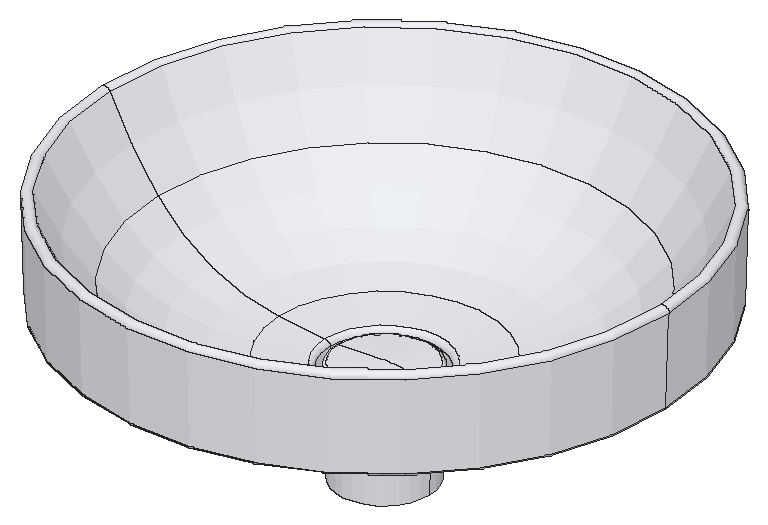
Revit family "400 Inset", category Plumbing Fixtures, host Face, Revit 2019
Family settings
  Host = Face
  Round Connector Dimension = Use Diameter
  Part Type = Normal
  OmniClass Number = 23.45.05.14.14
  OmniClass Title = Sinks/Lavatories
  Cut with Voids When Loaded = Yes
  Shared = No
  Room Calculation Point = No
Parameters (values of type "LIANO II 400 ROUND INSET BASIN NTH NOF WHITE")
  Waste Connection = yes
  Vent Connection = no
  URL = "https://www.caroma.com.au/"
  Model = "852400W"
  Material_Waste = GWA-Porcelain-White
  Material_Basin = GWA-Porcelain-White
  Manufacturer = "GWA Bathrooms & Kitchens"  # constant formula
  HW Connection = no
  Description = "LIANO II 400 ROUND INSET BASIN NTH NOF WHITE"
  Default Elevation = 0 mm
  CreatedBy_ANZRS = "GWA Bathrooms & Kitchens"  # constant formula
  CW Connection = no
  Assembly Code = "D2010400"
Types (8, lengths in mm): name | Model | Material_Waste | Material_Basin | Description
  (no name) | "852400W" | GWA-Porcelain-White | GWA-Porcelain-White | "LIANO II 400 ROUND INSET BASIN NTH NOF WHITE"
  LIANO II 400 ROUND INSET BASIN NTH NOF WHITE | "852400W" | GWA-Porcelain-White | GWA-Porcelain-White | "LIANO II 400 ROUND INSET BASIN NTH NOF WHITE"
  LIANO II 400 ROUND INSET BASIN NTH NOF MATTE WHITE | "852400MW" | GWA-Porcelain-Matte-White | GWA-Porcelain-Matte-White | "LIANO II 400 ROUND INSET BASIN NTH NOF MATTE WHITE"
  LIANO II 400 ROUND INSET BASIN NTH NOF MATTE GREEN | "852400MG" | GWA-Porcelain-Green | GWA-Porcelain-Green | "LIANO II 400 ROUND INSET BASIN NTH NOF MATTE GREEN"
  LIANO II 400 ROUND INSET BASIN NTH NOF MATTE BLACK | "852400MB" | GWA-Porcelain-Black | GWA-Porcelain-Black | "LIANO II 400 ROUND INSET BASIN NTH NOF MATTE BLACK"
  LIANO II 400 ROUND INSET BASIN NTH NOF MATTE PINK | "852400MP" | GWA-Porcelain-Pink | GWA-Porcelain-Pink | "LIANO II 400 ROUND INSET BASIN NTH NOF MATTE PINK"
  LIANO II 400 ROUND INSET BASIN NTH NOF MATTE GREY | "852400MGR" | GWA-Porcelain-Grey | GWA-Porcelain-Grey | "LIANO II 400 ROUND INSET BASIN NTH NOF MATTE GREY"
  LIANO II 400 ROUND INSET BASIN NTH NOF MATTE SPECKLED | "852400MS" | GWA-Porcelain-Speckled | GWA-Porcelain-Speckled | "LIANO II 400 ROUND INSET BASIN NTH NOF MATTE SPECKLED"
Reference planes
  plane 1 "Center (Front/Back)": y = 0
  plane 2: z = 0
  plane 3 "Center (Left/Right)": x = 0
  plane 4 "WasteConnection": z = -112
Forms (mm)
  Extrusion 1, void
    sketch origin (0, 0, 95.031) x (-1, 0, 0) y (0, -1, 0)
      loop
        circle (0, 0) r 195
    from 5 to -218.403
  Revolve 2, solid, material "GWA-Porcelain-White" <- "Material_Basin"
    sketch origin (0, 0, 0) x (1, 0, 0) y (0, 0, 1)
      loop
        line (22, -112) -> (32, -112) -> (33.272, -75.577) -> (45.597, -63.252)
        arc (45.597, -63.252) -> (46.803, -61.523) -> (47.336, -59.484) r 6
        line (47.336, -59.484) -> (47.899, -52.39)
        arc (47.899, -52.39) -> (48.734, -50.542) -> (50.553, -49.647) r 3
        line (50.553, -49.647) -> (78.002, -46.548)
        arc (78.002, -46.548) -> (126.032, -31.715) -> (165.314, -0.348) r 135.091
        arc (165.314, -0.348) -> (165.655, -0.091) -> (166.072, 0) r 1
        line (166.072, 0) -> (197.001, 0)
        arc (197.001, 0) -> (197.697, 0.282) -> (198, 0.968) r 1
        line (198, 0.968) -> (199.898, 61.15)
        arc (199.898, 61.15) -> (197.033, 64.898) -> (192.785, 62.846) r 3.733
        arc (192.785, 62.846) -> (177.608, 34.924) -> (159.139, 9.062) r 260
        arc (159.139, 9.062) -> (121.209, -22.323) -> (74.103, -36.627) r 125
        line (74.103, -36.627) -> (41.679, -39.769)
        arc (41.679, -39.769) -> (39.212, -40.947) -> (38.077, -43.434) r 4
        line (38.077, -43.434) -> (37.117, -55.531)
        arc (37.117, -55.531) -> (36.761, -56.89) -> (35.958, -58.042) r 4
        line (35.958, -58.042) -> (23.172, -70.828)
        arc (23.172, -70.828) -> (22.305, -72.126) -> (22, -73.657) r 4
        line (22, -73.657) -> (22, -112)
      axis (0, 62.846) -> (0, -112)
    angle from 0 to 360
  Revolve 3, solid, material "GWA-Porcelain-White" <- "Material_Waste"
    sketch origin (0, 0, 0) x (1, 0, 0) y (0, 0, 1)
      loop
        line (0, -44) -> (31.978, -44)
        arc (31.978, -44) -> (33.974, -42.123) -> (32.224, -40.015) r 2
        arc (32.224, -40.015) -> (16.143, -38.525) -> (0, -38.028) r 262.221
        line (0, -38.028) -> (0, -44)
      axis (0, -38.028) -> (0, -44)
    angle from 0 to 360
Lines and regions (mm)
  Masking region 1
    outline origin (0, 0, 95.031) x (-1, 0, 0) y (0, -1, 0)
      loop
        circle (0, 0) r 200
  Masking region 2
    outline origin (0, 0, 0) x (1, 0, 0) y (0, 0, 1)
      loop
        line (198, 0.968) -> (199.899, 61.183)
        arc (199.899, 61.183) -> (198.858, 63.875) -> (196.201, 65) r 3.7
        line (196.201, 65) -> (-196.201, 65)
        arc (-196.201, 65) -> (-198.858, 63.875) -> (-199.899, 61.183) r 3.7
        line (-199.899, 61.183) -> (-198, 0.968)
        arc (-198, 0.968) -> (-197.697, 0.282) -> (-197.001, 0) r 1
        line (-197.001, 0) -> (197.001, 0)
        arc (197.001, 0) -> (197.697, 0.282) -> (198, 0.968) r 1
  Masking region 3
    outline origin (0, 0, 0) x (0, 1, 0) y (0, 0, 1)
      loop
        line (198, 0.968) -> (199.899, 61.183)
        arc (199.899, 61.183) -> (198.858, 63.875) -> (196.201, 65) r 3.7
        line (196.201, 65) -> (-196.201, 65)
        arc (-196.201, 65) -> (-198.858, 63.875) -> (-199.899, 61.183) r 3.7
        line (-199.899, 61.183) -> (-198, 0.968)
        arc (-198, 0.968) -> (-197.697, 0.282) -> (-197.001, 0) r 1
        line (-197.001, 0) -> (197.001, 0)
        arc (197.001, 0) -> (197.697, 0.282) -> (198, 0.968) r 1
  symbolic lines
    curve 1: circle (0, 0, 95.031) r 200 normal (0, 0, 1)
    curve 2: circle (0, 0, 95.031) r 34 normal (0, 0, 1)
    curve 3: circle (0, 0, 95.031) r 38 normal (0, 0, 1)
    curve 4: line (198, 0, 0.968) -> (199.899, 0, 61.183)
    curve 5: line (196.201, 0, 65) -> (-196.201, 0, 65)
    curve 6: line (-197.001, 0, 0) -> (197.001, 0, 0)
    curve 7: line (-198, 0, 0.968) -> (-199.899, 0, 61.183)
    curve 8: arc (-198, 0, 0.968) -> (-197.697, 0, 0.282) -> (-197.001, 0, 0) r 1
    curve 9: arc (197.001, 0, 0) -> (197.697, 0, 0.282) -> (198, 0, 0.968) r 1
    curve 10: arc (199.899, 0, 61.183) -> (198.858, 0, 63.875) -> (196.201, 0, 65) r 3.7
    curve 11: arc (-199.899, 0, 61.183) -> (-198.858, 0, 63.875) -> (-196.201, 0, 65) r 3.7
    curve 12: line (0, 198, 0.968) -> (0, 199.899, 61.183)
    curve 13: line (0, 196.201, 65) -> (0, -196.201, 65)
    curve 14: line (0, -197.001, 0) -> (0, 197.001, 0)
    curve 15: line (0, -198, 0.968) -> (0, -199.899, 61.183)
    curve 16: arc (0, -198, 0.968) -> (0, -197.697, 0.282) -> (0, -197.001, 0) r 1
    curve 17: arc (0, 197.001, 0) -> (0, 197.697, 0.282) -> (0, 198, 0.968) r 1
    curve 18: arc (0, 199.899, 61.183) -> (0, 198.858, 63.875) -> (0, 196.201, 65) r 3.7
    curve 19: arc (0, -199.899, 61.183) -> (0, -198.858, 63.875) -> (0, -196.201, 65) r 3.7
    curve 20: circle (0, 0, 95.031) r 193 normal (0, 0, 1)
Dimensions and locks
  aligned and locked: plane 2 to host face
  aligned and locked: level to host face
Connectors
  piping at (0, 0, -112), diameter 40
    settings: index 1, connector inside diameter 609.6 mm, connector length 0 mm, flow factor 0, pipe flow 0.0 L/s, pressure drop 0.0 Pa, fitting loss kfactor 0, connector angle 0.00°, fixture units 0, engagement length 0 mm, angle of deflection 0.00°, flow configuration 3, flow direction 2, fitting loss method 0, system type 16, joint type 0, gender type 0, connector reference index -1, connector utility 0, adjustable connector no, is connector primary yes, connector description ""
